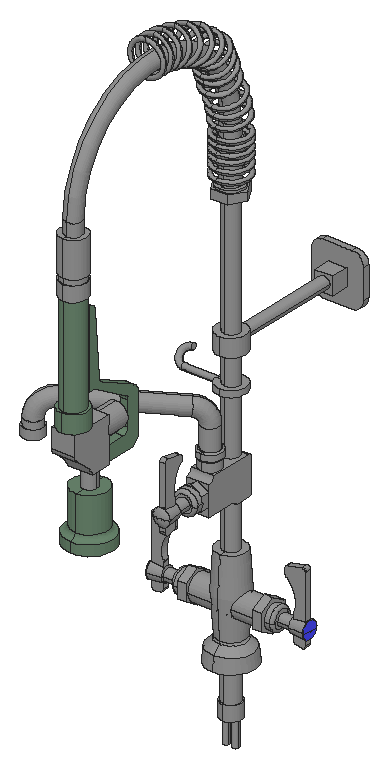
Revit family "Krowne_18-506L_DeckMount_Pre-Rinse_Faucet", category Plumbing Fixtures, Revit 2018
Family settings
  Round Connector Dimension = Use Diameter
  Part Type = Normal
  OmniClass Number = 23.40.40.00
  OmniClass Title = Food Service Equipment and Furnishings
  Work Plane-Based = No
  Always vertical = Yes
  Cut with Voids When Loaded = No
  Shared = No
  Room Calculation Point = No
Parameters (values of type "18-506L")
  Width = 7 1/4"
  Weight in Pounds = 13
  Watermarked By = ""
  URL Cutsheet = ""
  URL = "https://krowne.com/"
  Status [instance] = ""
  Specification by User [instance] = ""
  Specification by Manufacturer [instance] = ""
  Serial Number [instance] = ""
  Revision Code [instance] = ""
  NAFEM Spec ID Number [instance] = ""
  Model = "18-506L"
  Masterspec [instance] = ""
  Manufacturer = "Krowne Metal"
  Item Number [instance] = "-"
  Installed By [instance] = ""
  Hot Water Temperature = 100 °F
  Hot Water Size = 3/8"
  Hot Water RI Height [instance] = 0"
  Hot Water Flow = 1.8 GPM
  Hot Water Connection Height = 0"
  Height = 25 1/4"
  Furnished By [instance] = ""
  Foodservice Equipment Identifier = yes
  Description = "Single Hole Deck Mount Space Saver Pre-Rense (With 6” Spout)"
  Depth = 10"
  Cold Water Size = 3/8"
  Cold Water RI Height [instance] = 0"
  Cold Water Flow = 1.8 GPM
  Cold Water Consumption = ""
  Cold Water Connection Height = 0"
  CSI MasterFormat = ""
  Assembly Code = "E1090300"
Reference planes (in)
  plane 1 "BACK": y = 0
  plane 2: z = 0
  plane 3 "CENTER L/R": x = -12.56573
  plane 4: y = -0.9375
  plane 5: y = -8.5625
  plane 6 "CENTER L/S": x = -10.56573
  plane 7 "CENTER L/T": x = -14.56573
  plane 8 "CENTER L/U": x = -8.94073
  plane 9 "CENTER L/V": x = -16.19073
  plane 10: z = 7.9375
  plane 11: z = 18
  plane 12: z = 25.25
  plane 13: z = 2.25
  plane 14: z = 15.8125
Forms (in)
  Extrusion 1, solid, material "QF_Steel-Chrome-Polished"
    sketch origin (-12.56573, -0.93695, -0.09142) x (0, -1, 0) y (1, 0, 0)
      loop
        circle (0, 0) r 0.34
    from 4.46642 to 18.28793
  Revolve 2, solid, material "QF_Plastic-Hunter Green"
    sketch origin (-12.56573, 4.2975, -5.9625) x (0, -1, 0) y (0, 0, 1)
      loop
        line (13.735, 18.775) -> (14.36, 18.775) -> (14.36, 19.525) -> (14.235, 19.525) -> (14.235, 23.8375) -> (13.735, 23.8375) -> (13.735, 18.775)
      axis (13.735, 18.775) -> (13.735, 23.8375)
    angle from 0 to 360
  Sweep 3, solid, material "QF_Steel-Chrome-Polished"
    path origin (-12.56573, -0.93695, -4.46642) x (0, -1, 0) y (0, 0, 1)
      loop
        line (8.50055, 24.71642) -> (8.50055, 25.26996)
        arc (8.50055, 25.26996) -> (4.30375, 29.51962) -> (0.00188, 25.37634) r 4.25
        arc (0.00188, 25.37634) -> (0.00047, 25.30125) -> (0, 25.22615) r 6
        line (0, 25.22615) -> (0, 22.66293)
    profile origin (-12.56573, -9.4375, 20.52677) x (0, 1, 0) y (-1, 0, 0)
      loop
        circle (0, 0) r 0.33984
  Sweep 4, solid, material "QF_Steel-Chrome-Polished"
    path origin (-12.56573, 8.55153, 20.47393) x (1, 0, 0) y (0, -0.694658, -0.71934)
      loop
        line (-0.03125, 13.66) -> (-2.03125, 13.66)
        arc (-2.03125, 13.66) -> (-2.40625, 13.285) -> (-2.03125, 12.91) r 0.375
    profile origin (-13.59698, -0.9375, 10.64775) x (0, 0.694658, 0.71934) y (0, 0.71934, -0.694658)
      loop
        circle (0, 0) r 0.125
  Sweep 5, solid, material "QF_Steel-Chrome-Polished"
    path origin (-12.56573, -23.0225, -5.9625) x (0, 1, 0) y (0, 0, -1)
      loop
        line (14.46, -16.8375) -> (14.46, -16.0875)
    profile origin (-12.56573, -8.5625, 10.5) x (-1, 0, 0) y (0, -1, 0)
      loop
        circle (0, 0) r 0.3125
  Revolve 6, solid, material "QF_Plastic-Hunter Green"
    sketch origin (-12.56573, -23.0225, -5.9625) x (0, 1, 0) y (0, 0, -1)
      loop
        line (14.46, -16.0875) -> (15.21, -16.0875) -> (15.21, -14.5875)
        arc (15.21, -14.5875) -> (15.28322, -14.41072) -> (15.46, -14.3375) r 0.25
        line (15.46, -14.3375) -> (15.46, -13.9) -> (14.46, -13.9) -> (14.46, -16.0875)
      axis (14.46, -13.9) -> (14.46, -16.0875)
    angle from 0 to 360
  Extrusion 7, solid, material "QF_Plastic-Hunter Green"
    sketch origin (-12.56573, -23.0225, -5.9625) x (0, 1, 0) y (0, 0, -1)
      loop
        arc (15.335, -16.71016) -> (15.02261, -17.01446) -> (15.31861, -17.33473) r 0.3125
        line (15.31861, -17.33473) -> (16.06861, -17.33473)
        arc (16.06861, -17.33473) -> (16.24539, -17.40795) -> (16.31861, -17.58473) r 0.25
        line (16.31861, -17.58473) -> (16.31861, -18.62984)
        arc (16.31861, -18.62984) -> (16.28585, -18.75357) -> (16.19614, -18.84486) r 0.25
        line (16.19614, -18.84486) -> (14.5225, -19.8375) -> (14.2725, -19.8375) -> (14.2725, -23.15)
        arc (14.2725, -23.15) -> (14.44928, -23.07678) -> (14.5225, -22.9) r 0.25
        line (14.5225, -22.9) -> (14.73264, -20.16098)
        arc (14.73264, -20.16098) -> (14.77513, -20.0396) -> (14.87232, -19.9554) r 0.25
        line (14.87232, -19.9554) -> (16.56935, -19.12771)
        arc (16.56935, -19.12771) -> (16.77419, -18.94327) -> (16.85017, -18.67831) r 0.5
        line (16.85017, -18.67831) -> (16.85017, -16.97532) -> (16.585, -16.71016) -> (15.335, -16.71016)
    from -0.17817 to 0.15894
  Revolve 8, solid, material "QF_Steel-Chrome-Polished"
    sketch origin (-12.56573, -23.0225, -5.9625) x (0, 1, 0) y (0, 0, -1)
      loop
        line (14.8975, -18.7125) -> (15.8975, -18.7125) -> (15.8975, -18.4625) -> (16.0225, -18.4625) -> (16.0225, -18.2125) -> (14.8975, -18.2125) -> (14.8975, -18.7125)
      axis (16.0225, -18.2125) -> (14.8975, -18.2125)
    angle from 0 to 360
  Sweep 9, solid, material "QF_Steel-Chrome-Polished"
    path origin (-12.56573, -2.06586, 24.03279) x (0, -0.882948, -0.469472) y (1, 0, 0)
      loop
        circle (0, 0) r 0.72
    profile origin (-11.84573, -2.06586, 24.03279) x (-1, 0, 0) y (0, -0.469472, 0.882948)
      loop
        circle (0, 0) r 0.08178
  Sweep 10, solid, material "QF_Steel-Chrome-Polished"
    path origin (-12.56573, -2.47616, 24.35047) x (0, -0.829038, -0.559193) y (1, 0, 0)
      loop
        circle (0, 0) r 0.72
    profile origin (-11.84573, -2.47616, 24.35047) x (-1, 0, 0) y (0, -0.559193, 0.829038)
      loop
        circle (0, 0) r 0.08178
  Sweep 11, solid, material "QF_Steel-Chrome-Polished"
    path origin (-12.56573, -1.07894, 21.53673) x (0, -0.978148, -0.207912) y (1, 0, 0)
      loop
        circle (0, 0) r 0.72
    profile origin (-11.84573, -1.07894, 21.53673) x (-1, 0, 0) y (0, -0.207912, 0.978148)
      loop
        circle (0, 0) r 0.08178
  Sweep 12, solid, material "QF_Steel-Chrome-Polished"
    path origin (-12.56573, -1.86515, 23.60264) x (0, -0.857167, -0.515038) y (1, 0, 0)
      loop
        circle (0, 0) r 0.72
    profile origin (-11.84573, -1.86515, 23.60264) x (-1, 0, 0) y (0, -0.515038, 0.857167)
      loop
        circle (0, 0) r 0.08178
  Sweep 13, solid, material "QF_Steel-Chrome-Polished"
    path origin (-12.56573, -0.98092, 21.05422) x (0, -0.978148, -0.207912) y (1, 0, 0)
      loop
        circle (0, 0) r 0.72
    profile origin (-11.84573, -0.98092, 21.05422) x (-1, 0, 0) y (0, -0.207912, 0.978148)
      loop
        circle (0, 0) r 0.08178
  Sweep 14, solid, material "QF_Steel-Chrome-Polished"
    path origin (-12.56573, -1.69061, 23.19258) x (0, -0.920505, -0.390731) y (1, 0, 0)
      loop
        circle (0, 0) r 0.72
    profile origin (-11.84573, -1.69061, 23.19258) x (-1, 0, 0) y (0, -0.390731, 0.920505)
      loop
        circle (0, 0) r 0.08178
  Sweep 15, solid, material "QF_Steel-Chrome-Polished"
    path origin (-12.56573, -1.21384, 22.00251) x (0, -0.951057, -0.309017) y (1, 0, 0)
      loop
        circle (0, 0) r 0.72
    profile origin (-11.84573, -1.21384, 22.00251) x (-1, 0, 0) y (0, -0.309017, 0.951057)
      loop
        circle (0, 0) r 0.08178
  Sweep 16, solid, material "QF_Steel-Chrome-Polished"
    path origin (-12.56573, -1.54108, 22.69083) x (0, -0.927184, -0.374607) y (1, 0, 0)
      loop
        circle (0, 0) r 0.72
    profile origin (-11.84573, -1.54108, 22.69083) x (-1, 0, 0) y (0, -0.374607, 0.927184)
      loop
        circle (0, 0) r 0.08178
  Sweep 17, solid, material "QF_Steel-Chrome-Polished"
    path origin (-12.56573, -2.96118, 24.68111) x (0, -0.615661, -0.788011) y (1, 0, 0)
      loop
        circle (0, 0) r 0.72
    profile origin (-11.84573, -2.96118, 24.68111) x (-1, 0, 0) y (0, -0.788011, 0.615661)
      loop
        circle (0, 0) r 0.08178
  Sweep 18, solid, material "QF_Steel-Chrome-Polished"
    path origin (-12.56573, -3.55689, 24.96524) x (0, -0.472815, -0.881162) y (1, 0, 0)
      loop
        circle (0, 0) r 0.72
    profile origin (-11.84573, -3.55689, 24.96524) x (-1, 0, 0) y (0, -0.881162, 0.472815)
      loop
        circle (0, 0) r 0.08178
  Sweep 19, solid, material "QF_Steel-Chrome-Polished"
    path origin (-12.56573, -4.11754, 25.1277) x (0, -0.32915, -0.944278) y (1, 0, 0)
      loop
        circle (0, 0) r 0.72
    profile origin (-11.84573, -4.11754, 25.1277) x (-1, 0, 0) y (0, -0.944278, 0.32915)
      loop
        circle (0, 0) r 0.08178
  Sweep 20, solid, material "QF_Steel-Chrome-Polished"
    path origin (-12.56573, -4.62495, 25.23274) x (0, -0.134719, -0.990884) y (1, 0, 0)
      loop
        circle (0, 0) r 0.72
    profile origin (-11.84573, -4.62495, 25.23274) x (-1, 0, 0) y (0, -0.990884, 0.134719)
      loop
        circle (0, 0) r 0.08178
  Sweep 21, solid, material "QF_Steel-Chrome-Polished"
    path origin (-12.56573, -5.05394, 25.26115) x (0, -0.065271, -0.997868) y (1, 0, 0)
      loop
        circle (0, 0) r 0.72
    profile origin (-11.84573, -5.05394, 25.26115) x (-1, 0, 0) y (0, -0.997868, 0.065271)
      loop
        circle (0, 0) r 0.08178
  Sweep 22, solid, material "QF_Steel-Chrome-Polished"
    path origin (-12.56573, -5.46671, 25.26225) x (0, 0.01069, -0.999943) y (1, 0, 0)
      loop
        circle (0, 0) r 0.72
    profile origin (-11.84573, -5.46671, 25.26225) x (-1, 0, 0) y (0, -0.999943, -0.01069)
      loop
        circle (0, 0) r 0.08178
  Extrusion 23, solid, material "QF_Steel-Chrome-Polished"
    sketch origin (-0.21875, -0.9375, 12.03358) x (0, 1, 0) y (-1, 0, 0)
      loop
        circle (0.00055, 12.34698) r 0.625
      loop
        circle (0.00055, 12.34698) r 0.34
    from 0 to 0.75
  Extrusion 24, solid, material "QF_Steel-Chrome-Polished"
    sketch origin (-0.1875, 5.0625, -4.46642) x (1, 0, 0) y (0, 0, 1)
      loop
        line (-11.75323, 18) -> (-13.00323, 18)
        arc (-13.00323, 18) -> (-13.35678, 17.85355) -> (-13.50323, 17.5) r 0.5
        line (-13.50323, 17.5) -> (-13.50323, 16.25)
        arc (-13.50323, 16.25) -> (-13.35678, 15.89645) -> (-13.00323, 15.75) r 0.5
        line (-13.00323, 15.75) -> (-11.75323, 15.75)
        arc (-11.75323, 15.75) -> (-11.39967, 15.89645) -> (-11.25323, 16.25) r 0.5
        line (-11.25323, 16.25) -> (-11.25323, 17.5)
        arc (-11.25323, 17.5) -> (-11.39967, 17.85355) -> (-11.75323, 18) r 0.5
    from 0 to 0.25
  Extrusion 25, solid, material "QF_Steel-Chrome-Polished"
    sketch origin (-0.1875, 4.8125, -4.46642) x (1, 0, 0) y (0, 0, 1)
      loop
        line (-12.00323, 17.25) -> (-12.75323, 17.25) -> (-12.75323, 16.5) -> (-12.00323, 16.5) -> (-12.00323, 17.25)
    from 0 to 0.75
  Extrusion 26, solid, material "QF_Steel-Chrome-Polished"
    sketch origin (-0.1875, 4.0625, -4.46642) x (1, 0, 0) y (0, 0, 1)
      loop
        circle (-12.37823, 16.875) r 0.25
    from 0 to 4.5
  Extrusion 27, solid, material "QF_Steel-Chrome-Polished"
    sketch origin (-12.59698, 5.53856, -4.6211) x (0, 1, 0) y (0, 0, 1)
      loop
        line (-13.66356, 15.4961) -> (-13.66356, 17.4336) -> (-15.47606, 17.4336) -> (-15.47606, 16.5586)
        arc (-15.47606, 16.5586) -> (-15.44221, 16.43298) -> (-15.34983, 16.34139) r 0.25
        arc (-15.34983, 16.34139) -> (-14.88291, 15.97756) -> (-14.53856, 15.4961) r 2.0625
        line (-14.53856, 15.4961) -> (-13.66356, 15.4961)
    from -0.5 to 0.5
  Revolve 28, solid, material "QF_Steel-Chrome-Polished"
    sketch origin (-12.56573, 4.2975, -5.9625) x (0, -1, 0) y (0, 0, 1)
      loop
        line (13.735, 23.8375) -> (14.2975, 23.8375) -> (14.2975, 24.4625) -> (14.235, 24.4625) -> (14.235, 24.7125) -> (14.2975, 24.7125) -> (14.2975, 26.2125) -> (13.735, 26.2125) -> (13.735, 23.8375)
      axis (13.735, 23.8375) -> (13.735, 26.2125)
    angle from 0 to 360
  Extrusion 29, solid, material "QF_Steel-Chrome-Polished"
    sketch origin (-0.21875, -0.9375, 10.51528) x (0, 1, 0) y (-1, 0, 0)
      loop
        circle (0.00055, 12.34698) r 0.625
      loop
        circle (0.00055, 12.34698) r 0.34
    from 0 to 0.25
  Extrusion 30, solid, material "QF_Steel-Chrome-Polished"
    sketch origin (-12.56573, 0, 1.1875) x (0, 1, 0) y (0, 0, 1)
      loop
        line (-0.5, 5.3125) -> (-0.5, 6.6875)
        arc (-0.5, 6.6875) -> (-0.53661, 6.77589) -> (-0.625, 6.8125) r 0.125
        line (-0.625, 6.8125) -> (-2.5, 6.8125)
        arc (-2.5, 6.8125) -> (-2.57322, 6.63572) -> (-2.75, 6.5625) r 0.25
        line (-2.75, 6.5625) -> (-2.75, 5.3125) -> (-1.4805, 5.3125)
        arc (-1.4805, 5.3125) -> (-1.43984, 5.3057) -> (-1.4036, 5.28605) r 0.125
        line (-1.4036, 5.28605) -> (-1.3112, 5.21395)
        arc (-1.3112, 5.21395) -> (-1.27496, 5.1943) -> (-1.2343, 5.1875) r 0.125
        line (-1.2343, 5.1875) -> (-0.625, 5.1875)
        arc (-0.625, 5.1875) -> (-0.53661, 5.22411) -> (-0.5, 5.3125) r 0.125
    from -0.4629 to 0.51137
  Sweep 31, solid, material "QF_Steel-Chrome-Polished"
    path origin (-11.1074, -0.60406, 1.1875) x (0.707107, 0.707107, 0) y (0, 0, 1)
      loop
        line (-2.0625, 6.8125) -> (-2.0625, 8.47099)
        arc (-2.0625, 8.47099) -> (-2.24597, 8.96246) -> (-2.7066, 9.21348) r 0.75
        line (-2.7066, 9.21348) -> (-7.2066, 9.85528)
        arc (-7.2066, 9.85528) -> (-7.80397, 9.67933) -> (-8.0625, 9.1128) r 0.75
        line (-8.0625, 9.1128) -> (-8.0625, 8.5625)
    profile origin (-12.56581, -2.06246, 8.82925) x (-0.707107, -0.707107, 0) y (0.707107, -0.707107, 0)
      loop
        circle (0, 0) r 0.375
  Extrusion 32, solid, material "QF_Steel-Chrome-Polished"
    sketch origin (-12.56573, -0.4375, 8) x (0, -1, 0) y (1, 0, 0)
      loop
        circle (1.625, 0) r 0.375
      loop
        circle (1.625, 0) r 0.4375
    from 0 to 0.375
  Revolve 33, solid, material "QF_Steel-Chrome-Polished"
    sketch origin (-12.56573, 0, 1.1875) x (0, 1, 0) y (0, 0, 1)
      loop
        line (-1.6875, 7.5625) -> (-1.6875, 7.1875) -> (-1.625, 7.1875) -> (-1.5625, 7.25) -> (-1.5625, 7.5) -> (-1.625, 7.5625) -> (-1.6875, 7.5625)
      axis (-2.0625, 7.1875) -> (-2.0625, 7.5625)
    angle from 0 to 360
  Extrusion 34, solid, material "QF_Steel-Chrome-Polished"
    sketch origin (-16.8086, -6.30525, 9.625) x (-0.707107, -0.707107, 0) y (-0.707107, 0.707107, 0)
      loop
        circle (0, 0) r 0.4375
    from 0 to -0.375
  Extrusion 35, solid, material "QF_Steel-Chrome-Polished"
    sketch origin (-0.1875, -3.375, -0.21074) x (1, 0, 0) y (0, 1, 0)
      loop
        circle (-12.59232, 2.4362) r 0.12406
      loop
        circle (-12.1788, 2.448) r 0.12488
    from -1.91426 to -3.03926
  Extrusion 36, solid, material "QF_Steel-Chrome-Polished"
    sketch origin (-13.46034, -2.75, 17.56068) x (-1, 0, 0) y (0, 0, -1)
      loop
        line (-0.90625, 9.81573) -> (-0.41911, 10.09698) -> (-0.41911, 10.65948) -> (-0.90625, 10.94073) -> (-1.39339, 10.65948) -> (-1.39339, 10.09698) -> (-0.90625, 9.81573)
    from 0 to 0.375
  Revolve 37, solid, material "QF_Steel-Chrome-Polished"
    sketch origin (-13.46034, 1.25, 7.18246) x (-1, 0, 0) y (0, -1, 0)
      loop
        line (-0.90625, 4.375) -> (-0.40625, 4.375) -> (-0.40625, 4.625)
        arc (-0.40625, 4.625) -> (-0.44286, 4.71339) -> (-0.53125, 4.75) r 0.125
        line (-0.53125, 4.75) -> (-0.90625, 4.75) -> (-0.90625, 4.375)
      axis (-0.90625, 4.375) -> (-0.90625, 4.75)
    angle from 0 to 360
  Revolve 38, solid, material "QF_Steel-Chrome-Polished"
    sketch origin (-13.46034, 1.25, 7.18246) x (-1, 0, 0) y (0, -1, 0)
      loop
        line (-0.90625, 4.75) -> (-0.65625, 4.75) -> (-0.65625, 5.3125) -> (-0.90625, 5.3125) -> (-0.90625, 4.75)
      axis (-0.90625, 4.75) -> (-0.90625, 5.3125)
    angle from 0 to 360
  Revolve 39, solid, material "QF_Steel-Chrome-Polished"
    sketch origin (-13.46034, 1.25, 7.18246) x (-1, 0, 0) y (0, -1, 0)
      loop
        line (-0.90625, 5.3125) -> (-0.59375, 5.3125) -> (-0.53125, 5.9375) -> (-0.90625, 5.9375) -> (-0.90625, 5.3125)
      axis (-0.90625, 5.3125) -> (-0.90625, 5.9375)
    angle from 0 to 360
  Revolve 40, solid, material "QF_Steel-Chrome-Polished"
    sketch origin (-13.46034, 1.25, 7.18246) x (-1, 0, 0) y (0, -1, 0)
      loop
        line (-0.90625, 5.9375) -> (-0.53125, 5.9375)
        arc (-0.53125, 5.9375) -> (-0.70704, 6.03513) -> (-0.90625, 6.0625) r 0.54601
        line (-0.90625, 6.0625) -> (-0.90625, 5.9375)
      axis (-0.90625, 5.9375) -> (-0.90625, 6.0625)
    angle from 0 to 360
  Extrusion 41, solid, material "QF_Steel-Chrome-Polished"
    sketch origin (-12.55409, 1.25, 19.56068) x (0, 0, 1) y (0, -1, 0)
      loop
        line (-10.29934, 5.875) -> (-12.97575, 5.875)
        arc (-12.97575, 5.875) -> (-13.07242, 5.82925) -> (-13.09832, 5.72549) r 0.125
        line (-13.09832, 5.72549) -> (-13.04825, 5.47511)
        arc (-13.04825, 5.47511) -> (-13.00493, 5.40295) -> (-12.92568, 5.37462) r 0.125
        line (-12.92568, 5.37462) -> (-11.89247, 5.37462)
        arc (-11.89247, 5.37462) -> (-11.871, 5.37648) -> (-11.85017, 5.38199) r 0.125
        arc (-11.85017, 5.38199) -> (-11.17151, 5.40979) -> (-10.59879, 5.04462) r 1.13354
        arc (-10.59879, 5.04462) -> (-10.55588, 5.01173) -> (-10.5031, 5.00004) r 0.125
        line (-10.5031, 5.00004) -> (-10.42432, 5.00004)
        arc (-10.42432, 5.00004) -> (-10.34507, 5.02837) -> (-10.30175, 5.10053) r 0.125
        line (-10.30175, 5.10053) -> (-10.17676, 5.72549)
        arc (-10.17676, 5.72549) -> (-10.20267, 5.82925) -> (-10.29934, 5.875) r 0.125
    from -0.125 to 0.125
  Revolve 42, solid, material "QF_Steel-Chrome-Polished"
    sketch origin (-12.56573, 0.1875, 0) x (0, 1, 0) y (0, 0, 1)
      loop
        line (-1.125, 0) -> (-0.125, 0) -> (-0.18466, 0.60399) -> (-0.49693, 0.91626)
        arc (-0.49693, 0.91626) -> (-0.5271, 0.96505) -> (-0.5323, 1.02217) r 0.125
        arc (-0.5323, 1.02217) -> (-0.40613, 2.69753) -> (-0.5, 4.375) r 12.82782
        line (-0.5, 4.375) -> (-1.125, 4.375) -> (-1.125, 0)
      axis (-1.125, 0) -> (-1.125, 4.375)
    angle from 0 to 360
  Extrusion 43, solid, material "QF_Steel-Chrome-Polished"
    sketch origin (-12.87823, 0.1875, -0.125) x (0, 1, 0) y (0, 0, 1)
      loop
        circle (-1.125, 2.5) r 0.5625
    from 0 to 1.75
  Revolve 44, solid, material "QF_Steel-Chrome-Polished"
    sketch origin (-12.56573, 0.1875, 0) x (0, 1, 0) y (0, 0, 1)
      loop
        line (-1.125, 0) -> (-1.125, -2.125) -> (-0.6875, -2.125) -> (-0.6875, -1.5) -> (-0.75, -1.5) -> (-0.75, 0) -> (-1.125, 0)
      axis (-1.125, 0) -> (-1.125, -2.125)
    angle from 0 to 360
  Extrusion 45, solid, material "QF_Steel-Chrome-Polished"
    sketch origin (-11.12823, -0.03125, 10.75323) x (0, 1, 0) y (0, 0, 1)
      loop
        line (-0.90625, -7.67139) -> (-1.51839, -8.02481) -> (-1.51839, -8.73164) -> (-0.90625, -9.08506) -> (-0.29411, -8.73164) -> (-0.29411, -8.02481) -> (-0.90625, -7.67139)
    from 0 to 0.375
  Revolve 46, solid, material "QF_Steel-Chrome-Polished"
    sketch origin (-15.12823, -0.03125, 2.375) x (0, 1, 0) y (-1, 0, 0)
      loop
        line (-0.90625, -4.375) -> (-0.90625, -4.75) -> (-0.53125, -4.75)
        arc (-0.53125, -4.75) -> (-0.44286, -4.71339) -> (-0.40625, -4.625) r 0.125
        line (-0.40625, -4.625) -> (-0.40625, -4.375) -> (-0.90625, -4.375)
      axis (-0.90625, -4.375) -> (-0.90625, -4.75)
    angle from 0 to 360
  Revolve 47, solid, material "QF_Steel-Chrome-Polished"
    sketch origin (-15.12823, -0.03125, 2.375) x (0, 1, 0) y (-1, 0, 0)
      loop
        line (-0.90625, -4.75) -> (-0.90625, -5.3125) -> (-0.65625, -5.3125) -> (-0.65625, -4.75) -> (-0.90625, -4.75)
      axis (-0.90625, -4.75) -> (-0.90625, -5.3125)
    angle from 0 to 360
  Revolve 48, solid, material "QF_Steel-Chrome-Polished"
    sketch origin (-15.12823, -0.03125, 2.375) x (0, 1, 0) y (-1, 0, 0)
      loop
        line (-0.90625, -5.3125) -> (-0.90625, -5.9375) -> (-0.53125, -5.9375) -> (-0.59375, -5.3125) -> (-0.90625, -5.3125)
      axis (-0.90625, -5.3125) -> (-0.90625, -5.9375)
    angle from 0 to 360
  Revolve 49, solid, material "QF_Plastic-Blue"
    sketch origin (-15.12823, -0.03125, 2.375) x (0, 1, 0) y (-1, 0, 0)
      loop
        line (-0.90625, -5.9375) -> (-0.90625, -6.0625)
        arc (-0.90625, -6.0625) -> (-0.70704, -6.03513) -> (-0.53125, -5.9375) r 0.54601
        line (-0.53125, -5.9375) -> (-0.90625, -5.9375)
      axis (-0.90625, -5.9375) -> (-0.90625, -6.0625)
    angle from 0 to 360
  Extrusion 50, solid, material "QF_Steel-Chrome-Polished"
    sketch origin (-15.12823, -0.9375, 10.75323) x (0, 0, 1) y (-1, 0, 0)
      loop
        arc (-6.12823, -5.875) -> (-6.03156, -5.82925) -> (-6.00565, -5.72549) r 0.125
        line (-6.00565, -5.72549) -> (-6.13064, -5.10053)
        arc (-6.13064, -5.10053) -> (-6.17396, -5.02837) -> (-6.25321, -5.00004) r 0.125
        line (-6.25321, -5.00004) -> (-6.5031, -5.00004)
        arc (-6.5031, -5.00004) -> (-6.55588, -5.01173) -> (-6.59879, -5.04462) r 0.125
        arc (-6.59879, -5.04462) -> (-7.17151, -5.40979) -> (-7.85017, -5.38199) r 1.13354
        arc (-7.85017, -5.38199) -> (-7.871, -5.37648) -> (-7.89247, -5.37462) r 0.125
        line (-7.89247, -5.37462) -> (-8.92568, -5.37462)
        arc (-8.92568, -5.37462) -> (-9.00493, -5.40295) -> (-9.04825, -5.47511) r 0.125
        line (-9.04825, -5.47511) -> (-9.09832, -5.72549)
        arc (-9.09832, -5.72549) -> (-9.07242, -5.82925) -> (-8.97575, -5.875) r 0.125
        line (-8.97575, -5.875) -> (-6.12823, -5.875)
    from -0.125 to 0.125
  Extrusion 51, solid, material "QF_Steel-Chrome-Polished"
    sketch origin (-12.25323, 0.1875, -0.125) x (0, 1, 0) y (0, 0, -1)
      loop
        circle (-1.125, -2.5) r 0.5625
    from 0 to 1.75
  Extrusion 52, solid, material "QF_Steel-Chrome-Polished"
    sketch origin (-14.00323, -0.03125, 10.75323) x (0, 1, 0) y (0, 0, -1)
      loop
        line (-0.90625, 7.67139) -> (-0.29411, 8.02481) -> (-0.29411, 8.73164) -> (-0.90625, 9.08506) -> (-1.51839, 8.73164) -> (-1.51839, 8.02481) -> (-0.90625, 7.67139)
    from 0 to 0.375
  Revolve 53, solid, material "QF_Steel-Chrome-Polished"
    sketch origin (-10.00323, -0.03125, 2.375) x (0, 1, 0) y (-1, 0, 0)
      loop
        line (-0.90625, 4.375) -> (-0.40625, 4.375) -> (-0.40625, 4.625)
        arc (-0.40625, 4.625) -> (-0.44286, 4.71339) -> (-0.53125, 4.75) r 0.125
        line (-0.53125, 4.75) -> (-0.90625, 4.75) -> (-0.90625, 4.375)
      axis (-0.90625, 4.375) -> (-0.90625, 4.75)
    angle from 0 to 360
  Revolve 54, solid, material "QF_Steel-Chrome-Polished"
    sketch origin (-10.00323, -0.03125, 2.375) x (0, 1, 0) y (-1, 0, 0)
      loop
        line (-0.90625, 4.75) -> (-0.65625, 4.75) -> (-0.65625, 5.3125) -> (-0.90625, 5.3125) -> (-0.90625, 4.75)
      axis (-0.90625, 4.75) -> (-0.90625, 5.3125)
    angle from 0 to 360
  Revolve 55, solid, material "QF_Steel-Chrome-Polished"
    sketch origin (-10.00323, -0.03125, 2.375) x (0, 1, 0) y (-1, 0, 0)
      loop
        line (-0.90625, 5.3125) -> (-0.59375, 5.3125) -> (-0.53125, 5.9375) -> (-0.90625, 5.9375) -> (-0.90625, 5.3125)
      axis (-0.90625, 5.3125) -> (-0.90625, 5.9375)
    angle from 0 to 360
  Revolve 56, solid, material "QF_Plastic-Red"
    sketch origin (-10.00323, -0.03125, 2.375) x (0, 1, 0) y (-1, 0, 0)
      loop
        line (-0.90625, 5.9375) -> (-0.53125, 5.9375)
        arc (-0.53125, 5.9375) -> (-0.70704, 6.03513) -> (-0.90625, 6.0625) r 0.54601
        line (-0.90625, 6.0625) -> (-0.90625, 5.9375)
      axis (-0.90625, 5.9375) -> (-0.90625, 6.0625)
    angle from 0 to 360
  Extrusion 57, solid, material "QF_Steel-Chrome-Polished"
    sketch origin (-10.00323, -0.9375, 10.75323) x (0, 0, 1) y (-1, 0, 0)
      loop
        line (-6.12823, 5.875) -> (-8.97575, 5.875)
        arc (-8.97575, 5.875) -> (-9.07242, 5.82925) -> (-9.09832, 5.72549) r 0.125
        line (-9.09832, 5.72549) -> (-9.04825, 5.47511)
        arc (-9.04825, 5.47511) -> (-9.00493, 5.40295) -> (-8.92568, 5.37462) r 0.125
        line (-8.92568, 5.37462) -> (-7.89247, 5.37462)
        arc (-7.89247, 5.37462) -> (-7.871, 5.37648) -> (-7.85017, 5.38199) r 0.125
        arc (-7.85017, 5.38199) -> (-7.17151, 5.40979) -> (-6.59879, 5.04462) r 1.13354
        arc (-6.59879, 5.04462) -> (-6.55588, 5.01173) -> (-6.5031, 5.00004) r 0.125
        line (-6.5031, 5.00004) -> (-6.25321, 5.00004)
        arc (-6.25321, 5.00004) -> (-6.17396, 5.02837) -> (-6.13064, 5.10053) r 0.125
        line (-6.13064, 5.10053) -> (-6.00565, 5.72549)
        arc (-6.00565, 5.72549) -> (-6.03156, 5.82925) -> (-6.12823, 5.875) r 0.125
    from -0.125 to 0.125
  Sweep 58, solid, material "QF_Steel-Chrome-Polished"
    path origin (-12.56573, -0.93695, 18.84886) x (0, -1, 0) y (1, 0, 0)
      loop
        circle (0, 0) r 0.72
    profile origin (-11.84573, -0.93695, 18.84886) x (-1, 0, 0) y (0, 0, 1)
      loop
        circle (0, 0) r 0.08178
  Sweep 59, solid, material "QF_Steel-Chrome-Polished"
    path origin (-12.56573, -0.93695, 19.59886) x (0, -1, 0) y (1, 0, 0)
      loop
        circle (0, 0) r 0.72
    profile origin (-11.84573, -0.93695, 19.59886) x (-1, 0, 0) y (0, 0, 1)
      loop
        circle (0, 0) r 0.08178
  Sweep 60, solid, material "QF_Steel-Chrome-Polished"
    path origin (-12.56573, -0.93695, 20.16136) x (0, -1, 0) y (1, 0, 0)
      loop
        circle (0, 0) r 0.72
    profile origin (-11.84573, -0.93695, 20.16136) x (-1, 0, 0) y (0, 0, 1)
      loop
        circle (0, 0) r 0.08178
  Sweep 61, solid, material "QF_Steel-Chrome-Polished"
    path origin (-12.56573, -0.93695, 19.23623) x (0, -1, 0) y (1, 0, 0)
      loop
        circle (0, 0) r 0.72
    profile origin (-11.84573, -0.93695, 19.23623) x (-1, 0, 0) y (0, 0, 1)
      loop
        circle (0, 0) r 0.08178
  Sweep 62, solid, material "QF_Steel-Chrome-Polished"
    path origin (-12.56573, -0.93695, 19.86123) x (0, -1, 0) y (1, 0, 0)
      loop
        circle (0, 0) r 0.72
    profile origin (-11.84573, -0.93695, 19.86123) x (-1, 0, 0) y (0, 0, 1)
      loop
        circle (0, 0) r 0.08178
  Sweep 63, solid, material "QF_Steel-Chrome-Polished"
    path origin (-12.56573, -0.93695, 20.42373) x (0, -1, 0) y (1, 0, 0)
      loop
        circle (0, 0) r 0.72
    profile origin (-11.84573, -0.93695, 20.42373) x (-1, 0, 0) y (0, 0, 1)
      loop
        circle (0, 0) r 0.08178
  Extrusion 64, solid, material "QF_Steel-Chrome-Polished"
    sketch origin (0, 0, 18) x (0, 1, 0) y (-1, 0, 0)
      loop
        line (-0.9375, 11.84174) -> (-0.31051, 12.20373) -> (-0.31051, 12.92772) -> (-0.9375, 13.28971) -> (-1.56449, 12.92772) -> (-1.56449, 12.20373) -> (-0.9375, 11.84174)
    from 0 to 0.375
  Revolve 65, solid, material "QF_Steel-Chrome-Polished"
    sketch origin (-12.59698, 0, 16) x (0, 1, 0) y (0, 0, 1)
      loop
        line (-0.9375, 2.375) -> (-0.37, 2.375) -> (-0.37, 2.45122) -> (-0.5625, 2.45122) -> (-0.5625, 3.49121) -> (-0.9375, 3.49121) -> (-0.9375, 2.375)
      loop
        line (-0.5625, 4.891) -> (-0.9375, 4.891) -> (-0.9375, 4.29742) -> (-0.5625, 4.29742) -> (-0.5625, 4.891)
      axis (-0.9375, 2.375) -> (-0.9375, 4.891)
    angle from 0 to 360
  Extrusion 66, solid, material "QF_Steel-Chrome-Polished"
    sketch origin (0, 0, 19.76372) x (0, 1, 0) y (-1, 0, 0)
      loop
        line (-0.9375, 12.05825) -> (-0.49801, 12.31199) -> (-0.49801, 12.81946) -> (-0.9375, 13.0732) -> (-1.37699, 12.81946) -> (-1.37699, 12.31199) -> (-0.9375, 12.05825)
    from -0.27251 to 0.54256
Cuts and joins
  joined: Extrusion 1, Extrusion 30
Lines and regions (in)
  symbolic lines
    curve 1: arc (-12.94073, -0.9375, 0) -> (-12.83089, -0.67233, 0) -> (-12.56573, -0.5625, 0) r 0.375
    curve 2: arc (-12.56573, -0.5625, 0) -> (-12.30056, -0.67233, 0) -> (-12.19073, -0.9375, 0) r 0.375
    curve 3: line (-12.94073, -0.9375, 0) -> (-12.94073, -9.46144, 0)
    curve 4: arc (-12.94073, -9.46144, 0) -> (-12.56573, -9.83644, 0) -> (-12.19073, -9.46144, 0) r 0.375
    curve 6: line (-13.36339, -1.09937, 0) -> (-11.73911, -1.09937, 0)
    curve 7: line (-13.36339, -1.31238, 0) -> (-11.73911, -1.31238, 0)
    curve 8: line (-13.36339, -1.56238, 0) -> (-11.73911, -1.56238, 0)
    curve 9: line (-13.36339, -1.81238, 0) -> (-11.73911, -1.81238, 0)
    curve 10: line (-13.36339, -2.06238, 0) -> (-11.73911, -2.06238, 0)
    curve 11: line (-13.36339, -2.31238, 0) -> (-11.73911, -2.31238, 0)
    curve 12: line (-13.36339, -2.56238, 0) -> (-11.73911, -2.56238, 0)
    curve 13: line (-13.36339, -2.81238, 0) -> (-11.73911, -2.81238, 0)
    curve 14: line (-13.36339, -3.06238, 0) -> (-11.73911, -3.06238, 0)
    curve 15: line (-13.36339, -3.81238, 0) -> (-11.73911, -3.81238, 0)
    curve 16: line (-13.36339, -5.06238, 0) -> (-11.73911, -5.06238, 0)
    curve 17: line (-13.36339, -5.69647, 0) -> (-11.73911, -5.69647, 0)
    curve 18: line (-13.36339, -8.53336, 0) -> (-11.73911, -8.53336, 0)
    curve 19: line (-11.44073, 5.0625, 0) -> (-13.69073, 5.0625, 0)
    curve 20: line (-13.69073, 4.8125, 0) -> (-11.44073, 4.8125, 0)
    curve 21: line (-12.19073, 4.0625, 0) -> (-12.19073, 4.8125, 0)
    curve 22: line (-12.94073, 4.0625, 0) -> (-12.19073, 4.0625, 0)
    curve 23: line (-12.94073, 4.8125, 0) -> (-12.94073, 4.0625, 0)
    curve 24: line (-12.31405, 4.0625, 0) -> (-12.31405, -0.6595, 0)
    curve 25: line (-12.8135, 4.0625, 0) -> (-12.8135, -0.65601, 0)
    curve 26: line (-11.44073, 4.8125, 0) -> (-11.44073, 5.0625, 0)
    curve 27: line (-13.69073, 4.8125, 0) -> (-13.69073, 5.0625, 0)
    curve 28: line (-12.06573, -7.125, 0) -> (-12.19073, -7.125, 0)
    curve 29: line (-12.06573, -7.125, 0) -> (-12.06573, -8.125, 0)
    curve 30: line (-12.06573, -8.125, 0) -> (-12.19073, -8.125, 0)
    curve 31: line (-12.09698, -8.125, 0) -> (-12.09698, -9.0241, 0)
    curve 32: arc (-12.19073, -8.9375, 0) -> (-12.56573, -10.0625, 0) -> (-12.94073, -8.9375, 0) r 0.625
    curve 33: arc (-12.19073, -9.01824, 0) -> (-12.56573, -10, 0) -> (-12.94073, -9.01824, 0) r 0.5625
    curve 34: line (-13.06573, -7.125, 0) -> (-12.94073, -7.125, 0)
    curve 35: line (-13.06573, -7.125, 0) -> (-13.06573, -8.125, 0)
    curve 36: line (-13.06573, -8.125, 0) -> (-12.94073, -8.125, 0)
    curve 37: line (-13.03448, -8.125, 0) -> (-13.03448, -9.0241, 0)
    curve 38: arc (-12.06573, -7.69647, 0) -> (-11.56829, -8.49089, 0) -> (-11.94714, -9.34821, 0) r 1
    curve 39: arc (-12.06573, -8.00348, 0) -> (-11.81592, -8.54545, 0) -> (-12.04083, -9.09821, 0) r 0.75
    curve 40: arc (-13.06573, -7.69647, 0) -> (-13.56316, -8.49089, 0) -> (-13.18431, -9.34821, 0) r 1
    curve 41: arc (-13.06573, -8.00348, 0) -> (-13.31553, -8.54545, 0) -> (-13.09062, -9.09821, 0) r 0.75
    curve 42: line (-11.12823, -1.51029, 0) -> (-12.19073, -1.51029, 0)
    curve 43: line (-11.12823, -0.375, 0) -> (-12.31405, -0.375, 0)
    curve 44: line (-17.05887, -6.07263, 0) -> (-12.94073, -1.95448, 0)
    curve 45: line (-16.55226, -6.57924, 0) -> (-12.94073, -2.96771, 0)
    curve 46: arc (-16.55226, -6.57924, 0) -> (-17.05887, -6.57924, 0) -> (-17.05887, -6.07263, 0) r 0.35823
    curve 47: arc (-16.85779, -5.87154, 0) -> (-17.16014, -6.59531, 0) -> (-16.39512, -6.4221, 0) r 0.44129
    curve 48: line (-11.12823, -1.51029, 0) -> (-11.12823, -0.375, 0)
    curve 49: line (-10.75323, -0.4375, 0) -> (-10.75323, -1.4375, 0)
    curve 50: line (-10.37823, -0.4375, 0) -> (-10.37823, -1.4375, 0)
    curve 51: line (-9.25323, -0.8125, 0) -> (-10.12819, -0.8125, 0)
    curve 52: line (-10.12819, -1.0625, 0) -> (-9.25323, -1.0625, 0)
    curve 53: line (-9.81573, -0.625, 0) -> (-9.81573, -1.25, 0)
    curve 54: line (-9.19073, -0.5625, 0) -> (-9.19073, -1.3125, 0)
    curve 55: line (-9.81573, -0.625, 0) -> (-9.19073, -0.5625, 0)
    curve 56: line (-9.81573, -1.25, 0) -> (-9.19073, -1.3125, 0)
    curve 57: arc (-9.19073, -1.3125, 0) -> (-8.93287, -0.9375, 0) -> (-9.19073, -0.5625, 0) r 0.40161
    curve 58: line (-9.25323, -0.8125, 0) -> (-9.25323, -1.0625, 0)
    curve 59: line (-10.12819, -0.8125, 0) -> (-10.12819, -1.0625, 0)
    curve 60: line (-10.37823, -0.6875, 0) -> (-9.81573, -0.6875, 0)
    curve 61: line (-10.37823, -1.1875, 0) -> (-9.81573, -1.1875, 0)
    curve 62: line (-11.12823, -1.4375, 0) -> (-10.37823, -1.4375, 0)
    curve 63: line (-11.12823, -0.4375, 0) -> (-10.37823, -0.4375, 0)
    curve 64: line (-14.00323, -1.51029, 0) -> (-12.94073, -1.51029, 0)
    curve 65: line (-14.00323, -0.375, 0) -> (-12.8135, -0.375, 0)
    curve 66: line (-14.00323, -1.51029, 0) -> (-14.00323, -0.375, 0)
    curve 67: line (-14.37823, -0.4375, 0) -> (-14.37823, -1.4375, 0)
    curve 68: line (-14.75323, -0.4375, 0) -> (-14.75323, -1.4375, 0)
    curve 69: line (-15.87823, -0.8125, 0) -> (-15.00327, -0.8125, 0)
    curve 70: line (-15.00327, -1.0625, 0) -> (-15.87823, -1.0625, 0)
    curve 71: line (-15.31573, -0.625, 0) -> (-15.31573, -1.25, 0)
    curve 72: line (-15.94073, -0.5625, 0) -> (-15.94073, -1.3125, 0)
    curve 73: line (-15.31573, -0.625, 0) -> (-15.94073, -0.5625, 0)
    curve 74: line (-15.31573, -1.25, 0) -> (-15.94073, -1.3125, 0)
    curve 75: arc (-15.94073, -1.3125, 0) -> (-16.19858, -0.9375, 0) -> (-15.94073, -0.5625, 0) r 0.40161
    curve 76: line (-15.87823, -0.8125, 0) -> (-15.87823, -1.0625, 0)
    curve 77: line (-15.00327, -0.8125, 0) -> (-15.00327, -1.0625, 0)
    curve 78: line (-14.75323, -0.6875, 0) -> (-15.31573, -0.6875, 0)
    curve 79: line (-14.75323, -1.1875, 0) -> (-15.31573, -1.1875, 0)
    curve 80: line (-14.00323, -1.4375, 0) -> (-14.75323, -1.4375, 0)
    curve 81: line (-14.00323, -0.4375, 0) -> (-14.75323, -0.4375, 0)
    curve 82: line (-12.94073, -0.9375, 0) -> (-14.69073, -0.9375, 0)
    curve 83: arc (-14.69073, -0.9375, 0) -> (-14.94073, -0.6875, 0) -> (-14.69073, -0.4375, 0) r 0.25
  symbolic lines, style "PlumbingFixtures"
    curve 5: line (-12.19073, -0.9375, 0) -> (-12.19073, -9.46144, 0)
Dimensions and locks (in)
  plane 4 to plane 1 "BACK" = 15/16"
  plane 5 to plane 4 = 7 5/8"
  plane 8 "CENTER L/U" to plane 9 "CENTER L/V" = 7 1/4"
  plane 10 to level = 7 15/16"  (x2)
  plane 11 to level = 18"
  plane 12 to level = 25 1/4"  (x2)
  Extrusion 24 to plane 4 = 6"
  plane 4 to plane 5 = 7 5/8"
  plane 11 to plane 10 = 10 1/16"
  Extrusion 34 to level = 9 5/8"  (x2)
  plane 1 "BACK" to Extrusion 27 = 9 15/16"
  plane 13 to level = 2 1/4"
  plane 10 to plane 13 = 5 11/16"
  plane 9 "CENTER L/V" to plane 8 "CENTER L/U" = 7 1/4"
  aligned and locked: level to plane 2
  aligned and locked: Extrusion 36 to Revolve 37 sketch curve
  aligned and locked: Revolve 39 sketch curve to Revolve 39 sketch curve
  aligned and locked: Revolve 46 sketch curve to Extrusion 45
  aligned and locked: Revolve 48 sketch curve to Revolve 48 sketch curve
  aligned and locked: Extrusion 52 to Revolve 53 sketch curve
  aligned and locked: Revolve 55 sketch curve to Revolve 55 sketch curve
Connectors (in)
  piping at (-12.3663, -0.927, -3.25), diameter 0.375, driven by "Cold Water Size", driven by "Cold Water Flow"
    settings: on Extrusion 35, index 1, connector inside diameter 24", connector length 0", flow factor 0, pipe flow 1.8 GPM, pressure drop 0.00 psi, fitting loss kfactor 0, connector angle 0.00°, fixture units 0, engagement length 0", angle of deflection 0.00°, flow configuration 0, flow direction 0, fitting loss method 0, system type 20, joint type 0, gender type 0, connector reference index -1, connector utility 0, adjustable connector no, is connector primary yes, connector description ""
  piping at (-12.77982, -0.9388, -3.25), diameter 0.375, driven by "Hot Water Size", driven by "Cold Water Flow"
    settings: on Extrusion 35, index 2, connector inside diameter 24", connector length 0", flow factor 0, pipe flow 1.8 GPM, pressure drop 0.00 psi, fitting loss kfactor 0, connector angle 0.00°, fixture units 0, engagement length 0", angle of deflection 0.00°, flow configuration 0, flow direction 0, fitting loss method 0, system type 19, joint type 0, gender type 0, connector reference index -1, connector utility 0, adjustable connector no, is connector primary no, connector description ""
